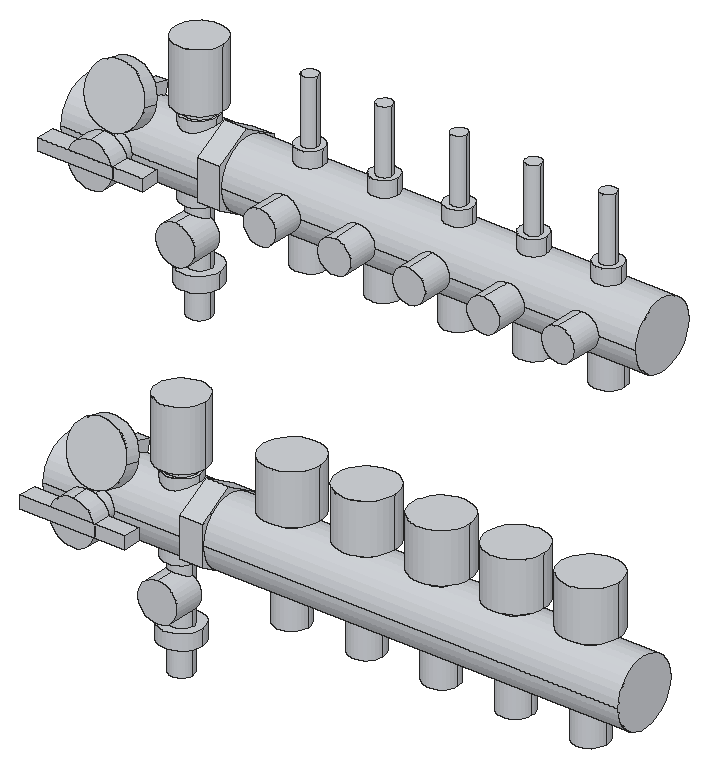
Revit family "318_f16c880827e94962872f661bd91b39", category Pipe Accessories, Revit 2017
Family settings
  Round Connector Dimension = Use Diameter
  Part Type = Valve - Normal
  Work Plane-Based = No
  Always vertical = Yes
  Cut with Voids When Loaded = No
  Shared = No
Parameters (values of type "R553FK105")
  magi_piping_qv_2_5 [instance] = 0.0 L/s
  magi_piping_qv_2_4 [instance] = 0.0 L/s
  magi_piping_qv_2_3 [instance] = 0.0 L/s
  magi_piping_qv_2_2 [instance] = 0.0 L/s
  magi_piping_qv_2_1 [instance] = 0.0 L/s
  magi_piping_qv_1_5 [instance] = 0.0 L/s
  magi_piping_qv_1_4 [instance] = 0.0 L/s
  magi_piping_qv_1_3 [instance] = 0.0 L/s
  magi_piping_qv_1_2 [instance] = 0.0 L/s
  magi_piping_qv_1_1 [instance] = 0.0 L/s
  magi_piping_qv [instance] = 0.0 L/s
  magi_piping_power_5 [instance] = 0 W
  magi_piping_power_4 [instance] = 0 W
  magi_piping_power_3 [instance] = 0 W
  magi_piping_power_2 [instance] = 0 W
  magi_piping_power_1 [instance] = 0 W
  magi_piping_kv_5 [instance] = 0
  magi_piping_kv_4 [instance] = 0
  magi_piping_kv_3 [instance] = 0
  magi_piping_kv_2 [instance] = 0
  magi_piping_kv_1 [instance] = 0
  magi_piping_dpTot_5 [instance] = 0.0 Pa
  magi_piping_dpTot_4 [instance] = 0.0 Pa
  magi_piping_dpTot_3 [instance] = 0.0 Pa
  magi_piping_dpTot_2 [instance] = 0.0 Pa
  magi_piping_dpTot_1 [instance] = 0.0 Pa
  magi_adjustmentValue_5 [instance] = ""
  magi_adjustmentValue_4 [instance] = ""
  magi_adjustmentValue_3 [instance] = ""
  magi_adjustmentValue_2 [instance] = ""
  magi_adjustmentValue_1 [instance] = ""
  magiProductId = "f16c880827e94962872f661bd91b39"
  magiProductFamilyId = "f16c880827e94962872f661bd91b39"
  magiProductCode = "R553FK105"
  magiPartTypeId = 318
  Y = 15 mm
  VersionID = "2.0/2016.10.37.0/GIACOMINI_R553FK_001"
  URL = "http://www.giacomini.com/en"
  SMP = 25 mm
  SBP9 = 18 mm
  SBP8 = 18 mm
  SBP7 = 18 mm
  SBP6 = 18 mm
  SBP5 = 18 mm
  SBP4 = 18 mm
  SBP3 = 18 mm
  SBP2 = 18 mm
  SBP12 = 18 mm
  SBP11 = 18 mm
  SBP10 = 18 mm
  SBP1 = 18 mm
  RMP = 25 mm
  RBP9 = 18 mm
  RBP8 = 18 mm
  RBP7 = 18 mm
  RBP6 = 18 mm
  RBP5 = 18 mm
  RBP4 = 18 mm
  RBP3 = 18 mm
  RBP2 = 18 mm
  RBP12 = 18 mm
  RBP11 = 18 mm
  RBP10 = 18 mm
  RBP1 = 18 mm
  R2 = 22 mm
  QmdConnectorList = "321;SMP;322;SBP1;323;SBP2;324;SBP3;325;SBP4;326;SBP5;351;RMP;352;RBP1;353;RBP2;354;RBP3;355;RBP4;356;RBP5"
  Productdata [instance] = "© Progman Oy, all rights reserved"
  N9 = no
  N8 = no
  N7 = no
  N6 = no
  N5 = yes
  N4 = yes
  N3 = yes
  N12 = no
  N11 = no
  N10 = no
  Manufacturer = "Giacomini"
  MC_Default_elevation = 0 mm
  L = 385 mm
  I = 50 mm
  H5 = 33 mm
  H4 = 5 mm
  H3__ve = -H3  # -40 mm
  H3 = 40 mm
  H2__ve = -H2  # -20 mm
  H2 = 20 mm
  H12 = 42 mm
  H11 = 10 mm
  Flow supply main [instance] = Flow supply 1 + Flow supply 2 + Flow supply 3 + Flow supply 4 + Flow supply 5  # 0.0 L/s
  Flow supply 5 [instance] = 0.0 L/s
  Flow supply 4 [instance] = 0.0 L/s
  Flow supply 3 [instance] = 0.0 L/s
  Flow supply 2 [instance] = 0.0 L/s
  Flow supply 1 [instance] = 0.0 L/s
  Flow return main [instance] = Flow return 1 + Flow return 2 + Flow return 3 + Flow return 4 + Flow return 5  # 0.0 L/s
  Flow return 5 [instance] = 0.0 L/s
  Flow return 4 [instance] = 0.0 L/s
  Flow return 3 [instance] = 0.0 L/s
  Flow return 2 [instance] = 0.0 L/s
  Flow return 1 [instance] = 0.0 L/s
  E = 208 mm
  Description = "PREASSEMBLED MANIFOLD KIT WITH FLOW METERS"
  D5 = 38 mm
  D4 = 22 mm
  D32 = 10 mm
  D31 = 18 mm
  D2 = 44 mm
  CAT0 = yes
  A = 149 mm
Reference planes
  plane 1 "Center (Front/Back)": y = 0
  plane 2 "XYPLANE": z = 0
  plane 3 "Center (Left/Right)": x = 0
  plane 4 "INIT_TEMP": y = 100
  plane 5 "414": y = -48
  plane 6 "413": z = -178
  plane 7 "412": y = -30
  plane 8 "411": z = -178
  plane 9 "410": z = -274
  plane 10 "409": z = -254
  plane 11 "408": z = -234
  plane 12 "407": z = -177
  plane 13 "406": z = -182
  plane 14 "405": y = -15
  plane 15 "404": z = 30
  plane 16 "403": y = -33
  plane 17 "402": x = 38
  plane 18 "401": z = 30
  plane 19 "400": z = -66
  plane 20 "399": z = -46
  plane 21 "398": z = -26
  plane 22 "397": z = 31
  plane 23 "396": x = 92
  plane 24 "395": z = 26
  plane 25 "394": x = 75
  plane 26 "393": z = -248
  plane 27 "392": z = -181
  plane 28 "391": z = -186
  plane 29 "390": z = -40
  plane 30 "389": x = 0
  plane 31 "388": y = 0
  plane 32 "387": y = -15
  plane 33 "386": z = -208
  plane 34 "385": z = 0
  plane 35 "384": z = 22
  plane 36 "383": x = 149
  plane 37 "382": x = 199
  plane 38 "381": y = -22
  plane 39 "380": x = 249
  plane 40 "379": z = 32
  plane 41 "378": x = 299
  plane 42 "377": x = 349
  plane 43 "376": x = 399
  plane 44 "375": x = 449
  plane 45 "374": x = 499
  plane 46 "373": x = 549
  plane 47 "372": x = 599
  plane 48 "371": x = 649
  plane 49 "370": x = 699
  plane 50 "1126": through (-712, -15, -178) normal (0, -0.2588, -0.9659)
  plane 51 "1127": through (-712, -30, -178) normal (0, 0.9659, -0.2588)
  plane 52 "1128": through (-712, -15, 30) normal (0, -0.9659, 0.2588)
  plane 53 "1129": through (-712, 0, 30) normal (0, 0.2588, 0.9659)
Forms (mm)
  Extrusion 1, solid
    sketch origin (750, -48, 0) x (-1, 0, 0) y (0, 0, 1)
      loop
        circle (712, -208) r 15
    from 0 to -12
  Extrusion 2, solid
    sketch origin (-712, -15, -178) x (1, 0, 0) y (0, -0.965926, 0.258819)
      loop
        line (746, -15) -> (754, -15) -> (754, 15) -> (746, 15) -> (746, -15)
    from 0 to 18
  Extrusion 3, solid
    sketch origin (750, -15, 0) x (-1, 0, 0) y (0, 0, 1)
      loop
        circle (712, -208) r 9
    from 0 to -33
  Extrusion 4, solid
    sketch origin (750, -48, 0) x (-1, 0, 0) y (0, 0, 1)
      loop
        line (677, -204) -> (677, -212) -> (747, -212) -> (747, -204) -> (677, -204)
    from 0 to -12
  Extrusion 5, solid
    sketch origin (-712, -30, -178) x (1, 0, 0) y (0, -0.258819, -0.965926)
      loop
        circle (750, 0) r 20
    from 0 to -10
  Extrusion 6, solid
    sketch origin (-750, 0, -182) x (1, 0, 0) y (0, 1, 0)
      loop
        circle (825, -15) r 12
    from 0 to -52
  Extrusion 7, solid
    sketch origin (92, -750, 0) x (0, 1, 0) y (0, 0, 1)
      loop
        line (735, -182) -> (712.483, -195) -> (712.483, -221) -> (735, -234) -> (757.517, -221) -> (757.517, -195) -> (735, -182)
    from 0 to 15
  Extrusion 8, solid
    sketch origin (-750, 0, -182) x (1, 0, 0) y (0, 1, 0)
      loop
        circle (825, -15) r 10
    from 0 to 5
  Extrusion 9, solid
    sketch origin (-750, 0, -177) x (1, 0, 0) y (0, 1, 0)
      loop
        circle (825, -15) r 16
    from 0 to 40
  Extrusion 10, solid
    sketch origin (-750, 0, -234) x (1, 0, 0) y (0, 1, 0)
      loop
        circle (825, -15) r 7.5
    from 0 to -70
  Extrusion 11, solid
    sketch origin (750, -15, 0) x (-1, 0, 0) y (0, 0, 1)
      loop
        circle (675, -254) r 13
    from 0 to -20
  Extrusion 12, solid
    sketch origin (-750, 0, -274) x (1, 0, 0) y (0, 1, 0)
      loop
        circle (825, -15) r 14
    from 0 to -10
  Extrusion 13, solid
    sketch origin (-712, -15, 30) x (1, 0, 0) y (0, 0.258819, 0.965926)
      loop
        circle (750, 0) r 20
    from 0 to 10
  Extrusion 14, solid
    sketch origin (750, -33, 0) x (-1, 0, 0) y (0, 0, 1)
      loop
        line (677, 4) -> (677, -4) -> (747, -4) -> (747, 4) -> (677, 4)
    from 0 to -12
  Extrusion 15, solid
    sketch origin (750, 0, 0) x (-1, 0, 0) y (0, 0, 1)
      loop
        circle (712, 0) r 9
    from 0 to -33
  Extrusion 16, solid
    sketch origin (-712, 0, 30) x (1, 0, 0) y (0, 0.965926, -0.258819)
      loop
        line (746, 15) -> (746, -15) -> (754, -15) -> (754, 15) -> (746, 15)
    from 0 to -18
  Extrusion 17, solid
    sketch origin (750, -33, 0) x (-1, 0, 0) y (0, 0, 1)
      loop
        circle (712, 0) r 15
    from 0 to -12
  Extrusion 18, solid
    sketch origin (-750, 0, -66) x (1, 0, 0) y (0, 1, 0)
      loop
        circle (825, 0) r 14
    from 0 to -10
  Extrusion 19, solid
    sketch origin (750, 0, 0) x (-1, 0, 0) y (0, 0, 1)
      loop
        circle (675, -46) r 13
    from 0 to -20
  Extrusion 20, solid
    sketch origin (-750, 0, -26) x (1, 0, 0) y (0, 1, 0)
      loop
        circle (825, 0) r 7.5
    from 0 to -70
  Extrusion 21, solid
    sketch origin (-750, 0, 31) x (1, 0, 0) y (0, 1, 0)
      loop
        circle (825, 0) r 16
    from 0 to 40
  Extrusion 22, solid
    sketch origin (-750, 0, 26) x (1, 0, 0) y (0, 1, 0)
      loop
        circle (825, 0) r 10
    from 0 to 5
  Extrusion 23, solid
    sketch origin (92, -750, 0) x (0, 1, 0) y (0, 0, 1)
      loop
        line (750, 26) -> (727.483, 13) -> (727.483, -13) -> (750, -26) -> (772.517, -13) -> (772.517, 13) -> (750, 26)
    from 0 to 15
  Extrusion 24, solid
    sketch origin (-750, 0, 26) x (1, 0, 0) y (0, 1, 0)
      loop
        circle (825, 0) r 12
    from 0 to -52
  Extrusion 25, solid, visible <- "N10"
    sketch origin (-750, 0, -208) x (1, 0, 0) y (0, 1, 0)
      loop
        circle (1349, -15) r 11
    from 0 to -40 <- "H3__ve"
  Extrusion 26, solid, visible <- "N10"
    sketch origin (-750, 0, -186) x (1, 0, 0) y (0, 1, 0)
      loop
        circle (1349, -15) r 11
    from 0 to 5 <- "H4"
  Extrusion 27, solid, visible <- "N10"
    sketch origin (-750, 0, -181) x (1, 0, 0) y (0, 1, 0)
      loop
        circle (1349, -15) r 19
    from 0 to 33 <- "H5"
  Extrusion 28, solid, visible <- "N12"
    sketch origin (-750, 0, -181) x (1, 0, 0) y (0, 1, 0)
      loop
        circle (1449, -15) r 19
    from 0 to 33 <- "H5"
  Extrusion 29, solid, visible <- "N12"
    sketch origin (-750, 0, -186) x (1, 0, 0) y (0, 1, 0)
      loop
        circle (1449, -15) r 11
    from 0 to 5 <- "H4"
  Extrusion 30, solid, visible <- "N12"
    sketch origin (-750, 0, -208) x (1, 0, 0) y (0, 1, 0)
      loop
        circle (1449, -15) r 11
    from 0 to -40 <- "H3__ve"
  Extrusion 31, solid, visible <- "N11"
    sketch origin (-750, 0, -208) x (1, 0, 0) y (0, 1, 0)
      loop
        circle (1399, -15) r 11
    from 0 to -40 <- "H3__ve"
  Extrusion 32, solid, visible <- "N11"
    sketch origin (-750, 0, -186) x (1, 0, 0) y (0, 1, 0)
      loop
        circle (1399, -15) r 11
    from 0 to 5 <- "H4"
  Extrusion 33, solid, visible <- "N11"
    sketch origin (-750, 0, -181) x (1, 0, 0) y (0, 1, 0)
      loop
        circle (1399, -15) r 19
    from 0 to 33 <- "H5"
  Extrusion 34, solid, visible <- "N8"
    sketch origin (-750, 0, -181) x (1, 0, 0) y (0, 1, 0)
      loop
        circle (1249, -15) r 19
    from 0 to 33 <- "H5"
  Extrusion 35, solid, visible <- "N8"
    sketch origin (-750, 0, -186) x (1, 0, 0) y (0, 1, 0)
      loop
        circle (1249, -15) r 11
    from 0 to 5 <- "H4"
  Extrusion 36, solid, visible <- "N8"
    sketch origin (-750, 0, -208) x (1, 0, 0) y (0, 1, 0)
      loop
        circle (1249, -15) r 11
    from 0 to -40 <- "H3__ve"
  Extrusion 37, solid, visible <- "N9"
    sketch origin (-750, 0, -208) x (1, 0, 0) y (0, 1, 0)
      loop
        circle (1299, -15) r 11
    from 0 to -40 <- "H3__ve"
  Extrusion 38, solid, visible <- "N9"
    sketch origin (-750, 0, -186) x (1, 0, 0) y (0, 1, 0)
      loop
        circle (1299, -15) r 11
    from 0 to 5 <- "H4"
  Extrusion 39, solid, visible <- "N9"
    sketch origin (-750, 0, -181) x (1, 0, 0) y (0, 1, 0)
      loop
        circle (1299, -15) r 19
    from 0 to 33 <- "H5"
  Extrusion 40, solid, visible <- "N7"
    sketch origin (-750, 0, -181) x (1, 0, 0) y (0, 1, 0)
      loop
        circle (1199, -15) r 19
    from 0 to 33 <- "H5"
  Extrusion 41, solid, visible <- "N7"
    sketch origin (-750, 0, -186) x (1, 0, 0) y (0, 1, 0)
      loop
        circle (1199, -15) r 11
    from 0 to 5 <- "H4"
  Extrusion 42, solid, visible <- "N7"
    sketch origin (-750, 0, -208) x (1, 0, 0) y (0, 1, 0)
      loop
        circle (1199, -15) r 11
    from 0 to -40 <- "H3__ve"
  Extrusion 43, solid, visible <- "N6"
    sketch origin (-750, 0, -208) x (1, 0, 0) y (0, 1, 0)
      loop
        circle (1149, -15) r 11
    from 0 to -40 <- "H3__ve"
  Extrusion 44, solid, visible <- "N6"
    sketch origin (-750, 0, -186) x (1, 0, 0) y (0, 1, 0)
      loop
        circle (1149, -15) r 11
    from 0 to 5 <- "H4"
  Extrusion 45, solid, visible <- "N6"
    sketch origin (-750, 0, -181) x (1, 0, 0) y (0, 1, 0)
      loop
        circle (1149, -15) r 19
    from 0 to 33 <- "H5"
  Extrusion 46, solid, visible <- "N5"
    sketch origin (-750, 0, -181) x (1, 0, 0) y (0, 1, 0)
      loop
        circle (1099, -15) r 19
    from 0 to 33 <- "H5"
  Extrusion 47, solid, visible <- "N5"
    sketch origin (-750, 0, -186) x (1, 0, 0) y (0, 1, 0)
      loop
        circle (1099, -15) r 11
    from 0 to 5 <- "H4"
  Extrusion 48, solid, visible <- "N5"
    sketch origin (-750, 0, -208) x (1, 0, 0) y (0, 1, 0)
      loop
        circle (1099, -15) r 11
    from 0 to -40 <- "H3__ve"
  Extrusion 49, solid, visible <- "N4"
    sketch origin (-750, 0, -208) x (1, 0, 0) y (0, 1, 0)
      loop
        circle (1049, -15) r 11
    from 0 to -40 <- "H3__ve"
  Extrusion 50, solid, visible <- "N4"
    sketch origin (-750, 0, -186) x (1, 0, 0) y (0, 1, 0)
      loop
        circle (1049, -15) r 11
    from 0 to 5 <- "H4"
  Extrusion 51, solid, visible <- "N4"
    sketch origin (-750, 0, -181) x (1, 0, 0) y (0, 1, 0)
      loop
        circle (1049, -15) r 19
    from 0 to 33 <- "H5"
  Extrusion 52, solid, visible <- "N3"
    sketch origin (-750, 0, -181) x (1, 0, 0) y (0, 1, 0)
      loop
        circle (999, -15) r 19
    from 0 to 33 <- "H5"
  Extrusion 53, solid, visible <- "N3"
    sketch origin (-750, 0, -186) x (1, 0, 0) y (0, 1, 0)
      loop
        circle (999, -15) r 11
    from 0 to 5 <- "H4"
  Extrusion 54, solid
    sketch origin (-750, 0, -186) x (1, 0, 0) y (0, 1, 0)
      loop
        circle (949, -15) r 11
    from 0 to 5 <- "H4"
  Extrusion 55, solid
    sketch origin (-750, 0, -181) x (1, 0, 0) y (0, 1, 0)
      loop
        circle (949, -15) r 19
    from 0 to 33 <- "H5"
  Extrusion 56, solid
    sketch origin (-750, 0, -181) x (1, 0, 0) y (0, 1, 0)
      loop
        circle (899, -15) r 19
    from 0 to 33 <- "H5"
  Extrusion 57, solid
    sketch origin (-750, 0, -186) x (1, 0, 0) y (0, 1, 0)
      loop
        circle (899, -15) r 11
    from 0 to 5 <- "H4"
  Extrusion 58, solid, visible <- "N3"
    sketch origin (-750, 0, -208) x (1, 0, 0) y (0, 1, 0)
      loop
        circle (999, -15) r 11
    from 0 to -40 <- "H3__ve"
  Extrusion 59, solid
    sketch origin (-750, 0, -208) x (1, 0, 0) y (0, 1, 0)
      loop
        circle (899, -15) r 11
    from 0 to -40 <- "H3__ve"
  Extrusion 60, solid
    sketch origin (-750, 0, -208) x (1, 0, 0) y (0, 1, 0)
      loop
        circle (949, -15) r 11
    from 0 to -40 <- "H3__ve"
  Extrusion 61, solid, visible <- "CAT0"
    sketch origin (0, -750, 0) x (0, 1, 0) y (0, 0, 1)
      loop
        circle (735, -208) r 22
    from 0 to 385 <- "L"
  Extrusion 62, solid, visible <- "N8"
    sketch origin (-750, 0, 0) x (1, 0, 0) y (0, 1, 0)
      loop
        circle (1249, 0) r 11
    from 0 to -40 <- "H3__ve"
  Extrusion 63, solid, visible <- "N9"
    sketch origin (-750, 0, 0) x (1, 0, 0) y (0, 1, 0)
      loop
        circle (1299, 0) r 11
    from 0 to -40 <- "H3__ve"
  Extrusion 64, solid, visible <- "N10"
    sketch origin (-750, 0, 0) x (1, 0, 0) y (0, 1, 0)
      loop
        circle (1349, 0) r 11
    from 0 to -40 <- "H3__ve"
  Extrusion 65, solid, visible <- "N11"
    sketch origin (-750, 0, 0) x (1, 0, 0) y (0, 1, 0)
      loop
        circle (1399, 0) r 11
    from 0 to -40 <- "H3__ve"
  Extrusion 66, solid, visible <- "N12"
    sketch origin (-750, 0, 0) x (1, 0, 0) y (0, 1, 0)
      loop
        circle (1449, 0) r 11
    from 0 to -40 <- "H3__ve"
  Extrusion 67, solid, visible <- "N7"
    sketch origin (-750, 0, 0) x (1, 0, 0) y (0, 1, 0)
      loop
        circle (1199, 0) r 11
    from 0 to -40 <- "H3__ve"
  Extrusion 68, solid, visible <- "N6"
    sketch origin (-750, 0, 0) x (1, 0, 0) y (0, 1, 0)
      loop
        circle (1149, 0) r 11
    from 0 to -40 <- "H3__ve"
  Extrusion 69, solid, visible <- "N5"
    sketch origin (-750, 0, 0) x (1, 0, 0) y (0, 1, 0)
      loop
        circle (1099, 0) r 11
    from 0 to -40 <- "H3__ve"
  Extrusion 70, solid, visible <- "N4"
    sketch origin (-750, 0, 0) x (1, 0, 0) y (0, 1, 0)
      loop
        circle (1049, 0) r 11
    from 0 to -40 <- "H3__ve"
  Extrusion 71, solid, visible <- "N3"
    sketch origin (-750, 0, 0) x (1, 0, 0) y (0, 1, 0)
      loop
        circle (999, 0) r 11
    from 0 to -40 <- "H3__ve"
  Extrusion 72, solid
    sketch origin (-750, 0, 0) x (1, 0, 0) y (0, 1, 0)
      loop
        circle (949, 0) r 11
    from 0 to -40 <- "H3__ve"
  Extrusion 73, solid
    sketch origin (-750, 0, 0) x (1, 0, 0) y (0, 1, 0)
      loop
        circle (899, 0) r 11
    from 0 to -40 <- "H3__ve"
  Extrusion 74, solid, visible <- "CAT0"
    sketch origin (0, -750, 0) x (0, 1, 0) y (0, 0, 1)
      loop
        circle (750, 0) r 22
    from 0 to 385 <- "L"
  Extrusion 75, solid
    sketch origin (-750, 0, 22) x (1, 0, 0) y (0, 1, 0)
      loop
        circle (899, 0) r 9
    from 0 to 10 <- "H11"
  Extrusion 76, solid
    sketch origin (750, -22, 0) x (-1, 0, 0) y (0, 0, 1)
      loop
        circle (601, 0) r 11
    from 0 to -20 <- "H2__ve"
  Extrusion 77, solid
    sketch origin (750, -22, 0) x (-1, 0, 0) y (0, 0, 1)
      loop
        circle (551, 0) r 11
    from 0 to -20 <- "H2__ve"
  Extrusion 78, solid, visible <- "N3"
    sketch origin (750, -22, 0) x (-1, 0, 0) y (0, 0, 1)
      loop
        circle (501, 0) r 11
    from 0 to -20 <- "H2__ve"
  Extrusion 79, solid
    sketch origin (-750, 0, 32) x (1, 0, 0) y (0, 1, 0)
      loop
        circle (899, 0) r 5
    from 0 to 42 <- "H12"
  Extrusion 80, solid
    sketch origin (-750, 0, 32) x (1, 0, 0) y (0, 1, 0)
      loop
        circle (949, 0) r 5
    from 0 to 42 <- "H12"
  Extrusion 81, solid
    sketch origin (-750, 0, 22) x (1, 0, 0) y (0, 1, 0)
      loop
        circle (949, 0) r 9
    from 0 to 10 <- "H11"
  Extrusion 82, solid, visible <- "N3"
    sketch origin (-750, 0, 22) x (1, 0, 0) y (0, 1, 0)
      loop
        circle (999, 0) r 9
    from 0 to 10 <- "H11"
  Extrusion 83, solid, visible <- "N3"
    sketch origin (-750, 0, 32) x (1, 0, 0) y (0, 1, 0)
      loop
        circle (999, 0) r 5
    from 0 to 42 <- "H12"
  Extrusion 84, solid, visible <- "N4"
    sketch origin (-750, 0, 32) x (1, 0, 0) y (0, 1, 0)
      loop
        circle (1049, 0) r 5
    from 0 to 42 <- "H12"
  Extrusion 85, solid, visible <- "N4"
    sketch origin (-750, 0, 22) x (1, 0, 0) y (0, 1, 0)
      loop
        circle (1049, 0) r 9
    from 0 to 10 <- "H11"
  Extrusion 86, solid, visible <- "N4"
    sketch origin (750, -22, 0) x (-1, 0, 0) y (0, 0, 1)
      loop
        circle (451, 0) r 11
    from 0 to -20 <- "H2__ve"
  Extrusion 87, solid, visible <- "N5"
    sketch origin (750, -22, 0) x (-1, 0, 0) y (0, 0, 1)
      loop
        circle (401, 0) r 11
    from 0 to -20 <- "H2__ve"
  Extrusion 88, solid, visible <- "N5"
    sketch origin (-750, 0, 22) x (1, 0, 0) y (0, 1, 0)
      loop
        circle (1099, 0) r 9
    from 0 to 10 <- "H11"
  Extrusion 89, solid, visible <- "N5"
    sketch origin (-750, 0, 32) x (1, 0, 0) y (0, 1, 0)
      loop
        circle (1099, 0) r 5
    from 0 to 42 <- "H12"
  Extrusion 90, solid, visible <- "N6"
    sketch origin (-750, 0, 32) x (1, 0, 0) y (0, 1, 0)
      loop
        circle (1149, 0) r 5
    from 0 to 42 <- "H12"
  Extrusion 91, solid, visible <- "N6"
    sketch origin (-750, 0, 22) x (1, 0, 0) y (0, 1, 0)
      loop
        circle (1149, 0) r 9
    from 0 to 10 <- "H11"
  Extrusion 92, solid, visible <- "N6"
    sketch origin (750, -22, 0) x (-1, 0, 0) y (0, 0, 1)
      loop
        circle (351, 0) r 11
    from 0 to -20 <- "H2__ve"
  Extrusion 93, solid, visible <- "N7"
    sketch origin (750, -22, 0) x (-1, 0, 0) y (0, 0, 1)
      loop
        circle (301, 0) r 11
    from 0 to -20 <- "H2__ve"
  Extrusion 94, solid, visible <- "N7"
    sketch origin (-750, 0, 22) x (1, 0, 0) y (0, 1, 0)
      loop
        circle (1199, 0) r 9
    from 0 to 10 <- "H11"
  Extrusion 95, solid, visible <- "N7"
    sketch origin (-750, 0, 32) x (1, 0, 0) y (0, 1, 0)
      loop
        circle (1199, 0) r 5
    from 0 to 42 <- "H12"
  Extrusion 96, solid, visible <- "N8"
    sketch origin (-750, 0, 32) x (1, 0, 0) y (0, 1, 0)
      loop
        circle (1249, 0) r 5
    from 0 to 42 <- "H12"
  Extrusion 97, solid, visible <- "N8"
    sketch origin (-750, 0, 22) x (1, 0, 0) y (0, 1, 0)
      loop
        circle (1249, 0) r 9
    from 0 to 10 <- "H11"
  Extrusion 98, solid, visible <- "N8"
    sketch origin (750, -22, 0) x (-1, 0, 0) y (0, 0, 1)
      loop
        circle (251, 0) r 11
    from 0 to -20 <- "H2__ve"
  Extrusion 99, solid, visible <- "N10"
    sketch origin (750, -22, 0) x (-1, 0, 0) y (0, 0, 1)
      loop
        circle (151, 0) r 11
    from 0 to -20 <- "H2__ve"
  Extrusion 100, solid, visible <- "N10"
    sketch origin (-750, 0, 22) x (1, 0, 0) y (0, 1, 0)
      loop
        circle (1349, 0) r 9
    from 0 to 10 <- "H11"
  Extrusion 101, solid, visible <- "N10"
    sketch origin (-750, 0, 32) x (1, 0, 0) y (0, 1, 0)
      loop
        circle (1349, 0) r 5
    from 0 to 42 <- "H12"
  Extrusion 102, solid, visible <- "N9"
    sketch origin (-750, 0, 32) x (1, 0, 0) y (0, 1, 0)
      loop
        circle (1299, 0) r 5
    from 0 to 42 <- "H12"
  Extrusion 103, solid, visible <- "N9"
    sketch origin (-750, 0, 22) x (1, 0, 0) y (0, 1, 0)
      loop
        circle (1299, 0) r 9
    from 0 to 10 <- "H11"
  Extrusion 104, solid, visible <- "N9"
    sketch origin (750, -22, 0) x (-1, 0, 0) y (0, 0, 1)
      loop
        circle (201, 0) r 11
    from 0 to -20 <- "H2__ve"
  Extrusion 105, solid, visible <- "N11"
    sketch origin (-750, 0, 32) x (1, 0, 0) y (0, 1, 0)
      loop
        circle (1399, 0) r 5
    from 0 to 42 <- "H12"
  Extrusion 106, solid, visible <- "N11"
    sketch origin (-750, 0, 22) x (1, 0, 0) y (0, 1, 0)
      loop
        circle (1399, 0) r 9
    from 0 to 10 <- "H11"
  Extrusion 107, solid, visible <- "N11"
    sketch origin (750, -22, 0) x (-1, 0, 0) y (0, 0, 1)
      loop
        circle (101, 0) r 11
    from 0 to -20 <- "H2__ve"
  Extrusion 108, solid, visible <- "N12"
    sketch origin (750, -22, 0) x (-1, 0, 0) y (0, 0, 1)
      loop
        circle (51, 0) r 11
    from 0 to -20 <- "H2__ve"
  Extrusion 109, solid, visible <- "N12"
    sketch origin (-750, 0, 22) x (1, 0, 0) y (0, 1, 0)
      loop
        circle (1449, 0) r 9
    from 0 to 10 <- "H11"
  Extrusion 110, solid, visible <- "N12"
    sketch origin (-750, 0, 32) x (1, 0, 0) y (0, 1, 0)
      loop
        circle (1449, 0) r 5
    from 0 to 42 <- "H12"
  Extrusion 111, solid, not visible
    sketch origin (-750, 0, -248) x (1, 0, 0) y (0, 1, 0)
      loop
        circle (1099, -15) r 10
    from 0 to 10
  Extrusion 112, solid, not visible
    sketch origin (-750, 0, -248) x (1, 0, 0) y (0, 1, 0)
      loop
        circle (1049, -15) r 10
    from 0 to 10
  Extrusion 113, solid, not visible
    sketch origin (-750, 0, -248) x (1, 0, 0) y (0, 1, 0)
      loop
        circle (949, -15) r 10
    from 0 to 10
  Extrusion 114, solid, not visible
    sketch origin (-750, 0, -248) x (1, 0, 0) y (0, 1, 0)
      loop
        circle (899, -15) r 10
    from 0 to 10
  Extrusion 115, solid, not visible
    sketch origin (-750, 0, -248) x (1, 0, 0) y (0, 1, 0)
      loop
        circle (999, -15) r 10
    from 0 to 10
  Extrusion 116, solid, not visible
    sketch origin (-750, 0, -40) x (1, 0, 0) y (0, 1, 0)
      loop
        circle (1099, 0) r 10
    from 0 to 10
  Extrusion 117, solid, not visible
    sketch origin (-750, 0, -40) x (1, 0, 0) y (0, 1, 0)
      loop
        circle (1049, 0) r 10
    from 0 to 10
  Extrusion 118, solid, not visible
    sketch origin (-750, 0, -40) x (1, 0, 0) y (0, 1, 0)
      loop
        circle (999, 0) r 10
    from 0 to 10
  Extrusion 119, solid, not visible
    sketch origin (0, -750, 0) x (0, 1, 0) y (0, 0, 1)
      loop
        circle (750, 0) r 10
    from 0 to 10
  Extrusion 120, solid, not visible
    sketch origin (0, -750, 0) x (0, 1, 0) y (0, 0, 1)
      loop
        circle (735, -208) r 10
    from 0 to 10
  Extrusion 121, solid, not visible
    sketch origin (-750, 0, -40) x (1, 0, 0) y (0, 1, 0)
      loop
        circle (899, 0) r 10
    from 0 to 10
  Extrusion 122, solid, not visible
    sketch origin (-750, 0, -40) x (1, 0, 0) y (0, 1, 0)
      loop
        circle (949, 0) r 10
    from 0 to 10
Text (mm)
  text "© Progman Oy, all rights reserved" at (-472.209, -2482.653, 0), in view "Ref. Level"
Dimensions and locks
  plane 4 "INIT_TEMP" to plane 1 "Center (Front/Back)" = 100 mm
  locked: plane 32 "387" to plane 5 "414" at 33
  locked: plane 33 "386" to plane 6 "413" at 30
  locked: plane 32 "387" to plane 7 "412" at 15
  locked: plane 33 "386" to plane 8 "411" at 30
  locked: plane 11 "408" to plane 9 "410" at 40
  locked: plane 11 "408" to plane 10 "409" at 20
  locked: plane 13 "406" to plane 11 "408" at 52
  locked: plane 13 "406" to plane 12 "407" at 5
  locked: plane 33 "386" to plane 13 "406" at 26
  locked: plane 1 "Center (Front/Back)" to plane 14 "405" at 15
  locked: plane 2 "XYPLANE" to plane 15 "404" at 30
  locked: plane 1 "Center (Front/Back)" to plane 16 "403" at 33
  locked: plane 3 "Center (Left/Right)" to plane 17 "402" at 38
  locked: plane 2 "XYPLANE" to plane 18 "401" at 30
  locked: plane 21 "398" to plane 19 "400" at 40
  locked: plane 21 "398" to plane 20 "399" at 20
  locked: plane 24 "395" to plane 21 "398" at 52
  locked: plane 24 "395" to plane 22 "397" at 5
  locked: plane 25 "394" to plane 23 "396" at 17
  locked: plane 2 "XYPLANE" to plane 24 "395" at 26
  locked: plane 3 "Center (Left/Right)" to plane 25 "394" at 75
  "H3": plane 33 "386" to plane 26 "393"
  "H4": plane 28 "391" to plane 27 "392"
  "R2": plane 33 "386" to plane 28 "391"
  "H3": plane 2 "XYPLANE" to plane 29 "390"
  locked: plane 3 "Center (Left/Right)" to plane 30 "389"
  locked: plane 1 "Center (Front/Back)" to plane 31 "388"
  "Y": plane 1 "Center (Front/Back)" to plane 32 "387"
  "E": plane 2 "XYPLANE" to plane 33 "386"
  locked: plane 2 "XYPLANE" to plane 34 "385"
  "R2": plane 2 "XYPLANE" to plane 35 "384"
  "A": plane 3 "Center (Left/Right)" to plane 36 "383"
  "I": plane 36 "383" to plane 37 "382"
  "R2": plane 1 "Center (Front/Back)" to plane 38 "381"
  "I": plane 37 "382" to plane 39 "380"
  "H11": plane 35 "384" to plane 40 "379"
  "I": plane 39 "380" to plane 41 "378"
  "I": plane 41 "378" to plane 42 "377"
  "I": plane 42 "377" to plane 43 "376"
  "I": plane 43 "376" to plane 44 "375"
  "I": plane 44 "375" to plane 45 "374"
  "I": plane 45 "374" to plane 46 "373"
  "I": plane 46 "373" to plane 47 "372"
  "I": plane 47 "372" to plane 48 "371"
  "I": plane 48 "371" to plane 49 "370"
  "D4": diameter of Extrusion 25 sketch curve
  "D4": diameter of Extrusion 26 sketch curve
  "D5": diameter of Extrusion 27 sketch curve
  "D5": diameter of Extrusion 28 sketch curve
  "D4": diameter of Extrusion 29 sketch curve
  "D4": diameter of Extrusion 30 sketch curve
  "D4": diameter of Extrusion 31 sketch curve
  "D4": diameter of Extrusion 32 sketch curve
  "D5": diameter of Extrusion 33 sketch curve
  "D5": diameter of Extrusion 34 sketch curve
  "D4": diameter of Extrusion 35 sketch curve
  "D4": diameter of Extrusion 36 sketch curve
  "D4": diameter of Extrusion 37 sketch curve
  "D4": diameter of Extrusion 38 sketch curve
  "D5": diameter of Extrusion 39 sketch curve
  "D5": diameter of Extrusion 40 sketch curve
  "D4": diameter of Extrusion 41 sketch curve
  "D4": diameter of Extrusion 42 sketch curve
  "D4": diameter of Extrusion 43 sketch curve
  "D4": diameter of Extrusion 44 sketch curve
  "D5": diameter of Extrusion 45 sketch curve
  "D5": diameter of Extrusion 46 sketch curve
  "D4": diameter of Extrusion 47 sketch curve
  "D4": diameter of Extrusion 48 sketch curve
  "D4": diameter of Extrusion 49 sketch curve
  "D4": diameter of Extrusion 50 sketch curve
  "D5": diameter of Extrusion 51 sketch curve
  "D5": diameter of Extrusion 52 sketch curve
  "D4": diameter of Extrusion 53 sketch curve
  "D4": diameter of Extrusion 54 sketch curve
  "D5": diameter of Extrusion 55 sketch curve
  "D5": diameter of Extrusion 56 sketch curve
  "D4": diameter of Extrusion 57 sketch curve
  "D4": diameter of Extrusion 58 sketch curve
  "D4": diameter of Extrusion 59 sketch curve
  "D4": diameter of Extrusion 60 sketch curve
  "D2": diameter of Extrusion 61 sketch curve
  "D4": diameter of Extrusion 62 sketch curve
  "D4": diameter of Extrusion 63 sketch curve
  "D4": diameter of Extrusion 64 sketch curve
  "D4": diameter of Extrusion 65 sketch curve
  "D4": diameter of Extrusion 66 sketch curve
  "D4": diameter of Extrusion 67 sketch curve
  "D4": diameter of Extrusion 68 sketch curve
  "D4": diameter of Extrusion 69 sketch curve
  "D4": diameter of Extrusion 70 sketch curve
  "D4": diameter of Extrusion 71 sketch curve
  "D4": diameter of Extrusion 72 sketch curve
  "D4": diameter of Extrusion 73 sketch curve
  "D2": diameter of Extrusion 74 sketch curve
  "D31": diameter of Extrusion 75 sketch curve
  "D4": diameter of Extrusion 76 sketch curve
  "D4": diameter of Extrusion 77 sketch curve
  "D4": diameter of Extrusion 78 sketch curve
  "D32": diameter of Extrusion 79 sketch curve
  "D32": diameter of Extrusion 80 sketch curve
  "D31": diameter of Extrusion 81 sketch curve
  "D31": diameter of Extrusion 82 sketch curve
  "D32": diameter of Extrusion 83 sketch curve
  "D32": diameter of Extrusion 84 sketch curve
  "D31": diameter of Extrusion 85 sketch curve
  "D4": diameter of Extrusion 86 sketch curve
  "D4": diameter of Extrusion 87 sketch curve
  "D31": diameter of Extrusion 88 sketch curve
  "D32": diameter of Extrusion 89 sketch curve
  "D32": diameter of Extrusion 90 sketch curve
  "D31": diameter of Extrusion 91 sketch curve
  "D4": diameter of Extrusion 92 sketch curve
  "D4": diameter of Extrusion 93 sketch curve
  "D31": diameter of Extrusion 94 sketch curve
  "D32": diameter of Extrusion 95 sketch curve
  "D32": diameter of Extrusion 96 sketch curve
  "D31": diameter of Extrusion 97 sketch curve
  "D4": diameter of Extrusion 98 sketch curve
  "D4": diameter of Extrusion 99 sketch curve
  "D31": diameter of Extrusion 100 sketch curve
  "D32": diameter of Extrusion 101 sketch curve
  "D32": diameter of Extrusion 102 sketch curve
  "D31": diameter of Extrusion 103 sketch curve
  "D4": diameter of Extrusion 104 sketch curve
  "D32": diameter of Extrusion 105 sketch curve
  "D31": diameter of Extrusion 106 sketch curve
  "D4": diameter of Extrusion 107 sketch curve
  "D4": diameter of Extrusion 108 sketch curve
  "D31": diameter of Extrusion 109 sketch curve
  "D32": diameter of Extrusion 110 sketch curve
  aligned and locked: level to plane 2 "XYPLANE"
  aligned and locked: plane 17 "402" to Extrusion 1 sketch curve
  aligned and locked: plane 33 "386" to Extrusion 1 sketch curve
  aligned and locked: plane 17 "402" to Extrusion 3 sketch curve
  aligned and locked: plane 33 "386" to Extrusion 3 sketch curve
  aligned and locked: plane 17 "402" to Extrusion 5 sketch curve
  aligned and locked: plane 25 "394" to Extrusion 6 sketch curve
  aligned and locked: plane 32 "387" to Extrusion 6 sketch curve
  aligned and locked: plane 25 "394" to Extrusion 8 sketch curve
  aligned and locked: plane 32 "387" to Extrusion 8 sketch curve
  aligned and locked: plane 25 "394" to Extrusion 9 sketch curve
  aligned and locked: plane 32 "387" to Extrusion 9 sketch curve
  aligned and locked: plane 25 "394" to Extrusion 10 sketch curve
  aligned and locked: plane 32 "387" to Extrusion 10 sketch curve
  aligned and locked: plane 10 "409" to Extrusion 11 sketch curve
  aligned and locked: plane 25 "394" to Extrusion 11 sketch curve
  aligned and locked: plane 25 "394" to Extrusion 12 sketch curve
  aligned and locked: plane 32 "387" to Extrusion 12 sketch curve
  aligned and locked: plane 17 "402" to Extrusion 13 sketch curve
  aligned and locked: plane 17 "402" to Extrusion 15 sketch curve
  aligned and locked: plane 34 "385" to Extrusion 15 sketch curve
  aligned and locked: plane 17 "402" to Extrusion 17 sketch curve
  aligned and locked: plane 34 "385" to Extrusion 17 sketch curve
  aligned and locked: plane 25 "394" to Extrusion 18 sketch curve
  aligned and locked: plane 31 "388" to Extrusion 18 sketch curve
  aligned and locked: plane 20 "399" to Extrusion 19 sketch curve
  aligned and locked: plane 25 "394" to Extrusion 19 sketch curve
  aligned and locked: plane 25 "394" to Extrusion 20 sketch curve
  aligned and locked: plane 31 "388" to Extrusion 20 sketch curve
  aligned and locked: plane 25 "394" to Extrusion 21 sketch curve
  aligned and locked: plane 31 "388" to Extrusion 21 sketch curve
  aligned and locked: plane 25 "394" to Extrusion 22 sketch curve
  aligned and locked: plane 31 "388" to Extrusion 22 sketch curve
  aligned and locked: plane 25 "394" to Extrusion 24 sketch curve
  aligned and locked: plane 31 "388" to Extrusion 24 sketch curve
  aligned and locked: plane 32 "387" to Extrusion 25 sketch curve
  aligned and locked: plane 47 "372" to Extrusion 25 sketch curve
  aligned and locked: plane 32 "387" to Extrusion 26 sketch curve
  aligned and locked: plane 47 "372" to Extrusion 26 sketch curve
  aligned and locked: plane 32 "387" to Extrusion 27 sketch curve
  aligned and locked: plane 47 "372" to Extrusion 27 sketch curve
  aligned and locked: plane 32 "387" to Extrusion 28 sketch curve
  aligned and locked: plane 49 "370" to Extrusion 28 sketch curve
  aligned and locked: plane 32 "387" to Extrusion 29 sketch curve
  aligned and locked: plane 49 "370" to Extrusion 29 sketch curve
  aligned and locked: plane 32 "387" to Extrusion 30 sketch curve
  aligned and locked: plane 49 "370" to Extrusion 30 sketch curve
  aligned and locked: plane 32 "387" to Extrusion 31 sketch curve
  aligned and locked: plane 48 "371" to Extrusion 31 sketch curve
  aligned and locked: plane 32 "387" to Extrusion 32 sketch curve
  aligned and locked: plane 48 "371" to Extrusion 32 sketch curve
  aligned and locked: plane 32 "387" to Extrusion 33 sketch curve
  aligned and locked: plane 48 "371" to Extrusion 33 sketch curve
  aligned and locked: plane 32 "387" to Extrusion 34 sketch curve
  aligned and locked: plane 45 "374" to Extrusion 34 sketch curve
  aligned and locked: plane 32 "387" to Extrusion 35 sketch curve
  aligned and locked: plane 45 "374" to Extrusion 35 sketch curve
  aligned and locked: plane 32 "387" to Extrusion 36 sketch curve
  aligned and locked: plane 45 "374" to Extrusion 36 sketch curve
  aligned and locked: plane 32 "387" to Extrusion 37 sketch curve
  aligned and locked: plane 46 "373" to Extrusion 37 sketch curve
  aligned and locked: plane 32 "387" to Extrusion 38 sketch curve
  aligned and locked: plane 46 "373" to Extrusion 38 sketch curve
  aligned and locked: plane 32 "387" to Extrusion 39 sketch curve
  aligned and locked: plane 46 "373" to Extrusion 39 sketch curve
  aligned and locked: plane 32 "387" to Extrusion 40 sketch curve
  aligned and locked: plane 44 "375" to Extrusion 40 sketch curve
  aligned and locked: plane 32 "387" to Extrusion 41 sketch curve
  aligned and locked: plane 44 "375" to Extrusion 41 sketch curve
  aligned and locked: plane 32 "387" to Extrusion 42 sketch curve
  aligned and locked: plane 44 "375" to Extrusion 42 sketch curve
  aligned and locked: plane 32 "387" to Extrusion 43 sketch curve
  aligned and locked: plane 43 "376" to Extrusion 43 sketch curve
  aligned and locked: plane 32 "387" to Extrusion 44 sketch curve
  aligned and locked: plane 43 "376" to Extrusion 44 sketch curve
  aligned and locked: plane 32 "387" to Extrusion 45 sketch curve
  aligned and locked: plane 43 "376" to Extrusion 45 sketch curve
  aligned and locked: plane 32 "387" to Extrusion 46 sketch curve
  aligned and locked: plane 42 "377" to Extrusion 46 sketch curve
  aligned and locked: plane 32 "387" to Extrusion 47 sketch curve
  aligned and locked: plane 42 "377" to Extrusion 47 sketch curve
  aligned and locked: plane 32 "387" to Extrusion 48 sketch curve
  aligned and locked: plane 42 "377" to Extrusion 48 sketch curve
  aligned and locked: plane 32 "387" to Extrusion 49 sketch curve
  aligned and locked: plane 41 "378" to Extrusion 49 sketch curve
  aligned and locked: plane 32 "387" to Extrusion 50 sketch curve
  aligned and locked: plane 41 "378" to Extrusion 50 sketch curve
  aligned and locked: plane 32 "387" to Extrusion 51 sketch curve
  aligned and locked: plane 41 "378" to Extrusion 51 sketch curve
  aligned and locked: plane 32 "387" to Extrusion 52 sketch curve
  aligned and locked: plane 39 "380" to Extrusion 52 sketch curve
  aligned and locked: plane 32 "387" to Extrusion 53 sketch curve
  aligned and locked: plane 39 "380" to Extrusion 53 sketch curve
  aligned and locked: plane 32 "387" to Extrusion 54 sketch curve
  aligned and locked: plane 37 "382" to Extrusion 54 sketch curve
  aligned and locked: plane 32 "387" to Extrusion 55 sketch curve
  aligned and locked: plane 37 "382" to Extrusion 55 sketch curve
  aligned and locked: plane 32 "387" to Extrusion 56 sketch curve
  aligned and locked: plane 36 "383" to Extrusion 56 sketch curve
  aligned and locked: plane 32 "387" to Extrusion 57 sketch curve
  aligned and locked: plane 36 "383" to Extrusion 57 sketch curve
  aligned and locked: plane 32 "387" to Extrusion 58 sketch curve
  aligned and locked: plane 39 "380" to Extrusion 58 sketch curve
  aligned and locked: plane 32 "387" to Extrusion 59 sketch curve
  aligned and locked: plane 36 "383" to Extrusion 59 sketch curve
  aligned and locked: plane 32 "387" to Extrusion 60 sketch curve
  aligned and locked: plane 37 "382" to Extrusion 60 sketch curve
  aligned and locked: Extrusion 61 sketch curve to plane 32 "387"
  aligned and locked: plane 33 "386" to Extrusion 61 sketch curve
  aligned and locked: plane 31 "388" to Extrusion 62 sketch curve
  aligned and locked: plane 45 "374" to Extrusion 62 sketch curve
  aligned and locked: plane 31 "388" to Extrusion 63 sketch curve
  aligned and locked: plane 46 "373" to Extrusion 63 sketch curve
  aligned and locked: plane 31 "388" to Extrusion 64 sketch curve
  aligned and locked: plane 47 "372" to Extrusion 64 sketch curve
  aligned and locked: plane 31 "388" to Extrusion 65 sketch curve
  aligned and locked: plane 48 "371" to Extrusion 65 sketch curve
  aligned and locked: plane 31 "388" to Extrusion 66 sketch curve
  aligned and locked: plane 49 "370" to Extrusion 66 sketch curve
  aligned and locked: plane 31 "388" to Extrusion 67 sketch curve
  aligned and locked: plane 44 "375" to Extrusion 67 sketch curve
  aligned and locked: plane 31 "388" to Extrusion 68 sketch curve
  aligned and locked: plane 43 "376" to Extrusion 68 sketch curve
  aligned and locked: plane 31 "388" to Extrusion 69 sketch curve
  aligned and locked: plane 42 "377" to Extrusion 69 sketch curve
  aligned and locked: plane 31 "388" to Extrusion 70 sketch curve
  aligned and locked: plane 41 "378" to Extrusion 70 sketch curve
  aligned and locked: plane 31 "388" to Extrusion 71 sketch curve
  aligned and locked: plane 39 "380" to Extrusion 71 sketch curve
  aligned and locked: plane 31 "388" to Extrusion 72 sketch curve
  aligned and locked: plane 37 "382" to Extrusion 72 sketch curve
  aligned and locked: plane 31 "388" to Extrusion 73 sketch curve
  aligned and locked: plane 36 "383" to Extrusion 73 sketch curve
  aligned and locked: Extrusion 74 sketch curve to plane 31 "388"
  aligned and locked: plane 34 "385" to Extrusion 74 sketch curve
  aligned and locked: plane 31 "388" to Extrusion 75 sketch curve
  aligned and locked: plane 36 "383" to Extrusion 75 sketch curve
  aligned and locked: plane 34 "385" to Extrusion 76 sketch curve
  aligned and locked: plane 36 "383" to Extrusion 76 sketch curve
  aligned and locked: plane 34 "385" to Extrusion 77 sketch curve
  aligned and locked: plane 37 "382" to Extrusion 77 sketch curve
  aligned and locked: plane 34 "385" to Extrusion 78 sketch curve
  aligned and locked: plane 39 "380" to Extrusion 78 sketch curve
  aligned and locked: plane 31 "388" to Extrusion 79 sketch curve
  aligned and locked: plane 36 "383" to Extrusion 79 sketch curve
  aligned and locked: plane 31 "388" to Extrusion 80 sketch curve
  aligned and locked: plane 37 "382" to Extrusion 80 sketch curve
  aligned and locked: plane 31 "388" to Extrusion 81 sketch curve
  aligned and locked: plane 37 "382" to Extrusion 81 sketch curve
  aligned and locked: plane 31 "388" to Extrusion 82 sketch curve
  aligned and locked: plane 39 "380" to Extrusion 82 sketch curve
  aligned and locked: plane 31 "388" to Extrusion 83 sketch curve
  aligned and locked: plane 39 "380" to Extrusion 83 sketch curve
  aligned and locked: plane 31 "388" to Extrusion 84 sketch curve
  aligned and locked: plane 41 "378" to Extrusion 84 sketch curve
  aligned and locked: plane 31 "388" to Extrusion 85 sketch curve
  aligned and locked: plane 41 "378" to Extrusion 85 sketch curve
  aligned and locked: plane 34 "385" to Extrusion 86 sketch curve
  aligned and locked: plane 41 "378" to Extrusion 86 sketch curve
  aligned and locked: plane 34 "385" to Extrusion 87 sketch curve
  aligned and locked: plane 42 "377" to Extrusion 87 sketch curve
  aligned and locked: plane 31 "388" to Extrusion 88 sketch curve
  aligned and locked: plane 42 "377" to Extrusion 88 sketch curve
  aligned and locked: plane 31 "388" to Extrusion 89 sketch curve
  aligned and locked: plane 42 "377" to Extrusion 89 sketch curve
  aligned and locked: plane 31 "388" to Extrusion 90 sketch curve
  aligned and locked: plane 43 "376" to Extrusion 90 sketch curve
  aligned and locked: plane 31 "388" to Extrusion 91 sketch curve
  aligned and locked: plane 43 "376" to Extrusion 91 sketch curve
  aligned and locked: plane 34 "385" to Extrusion 92 sketch curve
  aligned and locked: plane 43 "376" to Extrusion 92 sketch curve
  aligned and locked: plane 34 "385" to Extrusion 93 sketch curve
  aligned and locked: plane 44 "375" to Extrusion 93 sketch curve
  aligned and locked: plane 31 "388" to Extrusion 94 sketch curve
  aligned and locked: plane 44 "375" to Extrusion 94 sketch curve
  aligned and locked: plane 31 "388" to Extrusion 95 sketch curve
  aligned and locked: plane 44 "375" to Extrusion 95 sketch curve
  aligned and locked: plane 31 "388" to Extrusion 96 sketch curve
  aligned and locked: plane 45 "374" to Extrusion 96 sketch curve
  aligned and locked: plane 31 "388" to Extrusion 97 sketch curve
  aligned and locked: plane 45 "374" to Extrusion 97 sketch curve
  aligned and locked: plane 34 "385" to Extrusion 98 sketch curve
  aligned and locked: plane 45 "374" to Extrusion 98 sketch curve
  aligned and locked: plane 34 "385" to Extrusion 99 sketch curve
  aligned and locked: plane 47 "372" to Extrusion 99 sketch curve
  aligned and locked: plane 31 "388" to Extrusion 100 sketch curve
  aligned and locked: plane 47 "372" to Extrusion 100 sketch curve
  aligned and locked: plane 31 "388" to Extrusion 101 sketch curve
  aligned and locked: plane 47 "372" to Extrusion 101 sketch curve
  aligned and locked: plane 31 "388" to Extrusion 102 sketch curve
  aligned and locked: plane 46 "373" to Extrusion 102 sketch curve
  aligned and locked: plane 31 "388" to Extrusion 103 sketch curve
  aligned and locked: plane 46 "373" to Extrusion 103 sketch curve
  aligned and locked: plane 34 "385" to Extrusion 104 sketch curve
  aligned and locked: plane 46 "373" to Extrusion 104 sketch curve
  aligned and locked: plane 31 "388" to Extrusion 105 sketch curve
  aligned and locked: plane 48 "371" to Extrusion 105 sketch curve
  aligned and locked: plane 31 "388" to Extrusion 106 sketch curve
  aligned and locked: plane 48 "371" to Extrusion 106 sketch curve
  aligned and locked: plane 34 "385" to Extrusion 107 sketch curve
  aligned and locked: plane 48 "371" to Extrusion 107 sketch curve
  aligned and locked: plane 34 "385" to Extrusion 108 sketch curve
  aligned and locked: plane 49 "370" to Extrusion 108 sketch curve
  aligned and locked: plane 31 "388" to Extrusion 109 sketch curve
  aligned and locked: plane 49 "370" to Extrusion 109 sketch curve
  aligned and locked: plane 31 "388" to Extrusion 110 sketch curve
  aligned and locked: plane 49 "370" to Extrusion 110 sketch curve
  aligned and locked: plane 32 "387" to Extrusion 111 sketch curve
  aligned and locked: plane 42 "377" to Extrusion 111 sketch curve
  aligned and locked: plane 32 "387" to Extrusion 112 sketch curve
  aligned and locked: plane 41 "378" to Extrusion 112 sketch curve
  aligned and locked: plane 32 "387" to Extrusion 113 sketch curve
  aligned and locked: plane 37 "382" to Extrusion 113 sketch curve
  aligned and locked: plane 32 "387" to Extrusion 114 sketch curve
  aligned and locked: plane 36 "383" to Extrusion 114 sketch curve
  aligned and locked: plane 32 "387" to Extrusion 115 sketch curve
  aligned and locked: plane 39 "380" to Extrusion 115 sketch curve
  aligned and locked: plane 31 "388" to Extrusion 116 sketch curve
  aligned and locked: plane 42 "377" to Extrusion 116 sketch curve
  aligned and locked: plane 31 "388" to Extrusion 117 sketch curve
  aligned and locked: plane 41 "378" to Extrusion 117 sketch curve
  aligned and locked: plane 31 "388" to Extrusion 118 sketch curve
  aligned and locked: plane 39 "380" to Extrusion 118 sketch curve
  aligned and locked: Extrusion 119 sketch curve to plane 31 "388"
  aligned and locked: plane 34 "385" to Extrusion 119 sketch curve
  aligned and locked: Extrusion 120 sketch curve to plane 32 "387"
  aligned and locked: plane 33 "386" to Extrusion 120 sketch curve
  aligned and locked: plane 31 "388" to Extrusion 121 sketch curve
  aligned and locked: plane 36 "383" to Extrusion 121 sketch curve
  aligned and locked: plane 31 "388" to Extrusion 122 sketch curve
  aligned and locked: plane 37 "382" to Extrusion 122 sketch curve
Automatic sketch dimensions
  plane 11 "408" to Extrusion 1 sketch curve = 11 mm
  Extrusion 2 sketch curve to plane 17 "402" = 4 mm
  Extrusion 2 sketch curve to plane 51 "1127" = 0.511 mm
  plane 17 "402" to Extrusion 2 sketch curve = 4 mm
  plane 51 "1127" to Extrusion 2 sketch curve = 29.489 mm
  Extrusion 3 sketch curve to plane 33 "386" = 9 mm
  Extrusion 4 sketch curve to plane 25 "394" = 2 mm
  plane 3 "Center (Left/Right)" to Extrusion 4 sketch curve = 3 mm
  Extrusion 4 sketch curve to plane 33 "386" = 4 mm
  plane 33 "386" to Extrusion 4 sketch curve = 4 mm
  plane 50 "1126" to Extrusion 5 sketch curve = 3.882 mm
  plane 3 "Center (Left/Right)" to Extrusion 5 sketch curve = 18 mm
  Extrusion 6 sketch curve to plane 25 "394" = 12 mm
  Extrusion 7 sketch curve to plane 13 "406" = 0 mm
  Extrusion 7 sketch curve to plane 14 "405" = 0 mm  (x2)
  Extrusion 7 sketch curve to plane 11 "408" = 0 mm
  Extrusion 7 sketch curve to plane 16 "403" = 4.517 mm
  Extrusion 7 sketch curve to plane 1 "Center (Front/Back)" = 7.517 mm
  plane 11 "408" to Extrusion 7 sketch curve = 13 mm  (x2)
  Extrusion 7 sketch curve to plane 28 "391" = 9 mm  (x2)
  Extrusion 8 sketch curve to plane 25 "394" = 10 mm
  Extrusion 9 sketch curve to plane 25 "394" = 16 mm
  Extrusion 10 sketch curve to plane 25 "394" = 7.5 mm
  plane 9 "410" to Extrusion 11 sketch curve = 7 mm
  Extrusion 12 sketch curve to plane 25 "394" = 14 mm
  Extrusion 13 sketch curve to plane 53 "1129" = 3.882 mm
  plane 3 "Center (Left/Right)" to Extrusion 13 sketch curve = 18 mm
  Extrusion 14 sketch curve to plane 25 "394" = 2 mm
  plane 3 "Center (Left/Right)" to Extrusion 14 sketch curve = 3 mm
  Extrusion 14 sketch curve to level = 4 mm
  level to Extrusion 14 sketch curve = 4 mm
  Extrusion 15 sketch curve to level = 9 mm
  Extrusion 16 sketch curve to plane 17 "402" = 4 mm
  plane 52 "1128" to Extrusion 16 sketch curve = 0.511 mm
  plane 17 "402" to Extrusion 16 sketch curve = 4 mm
  Extrusion 16 sketch curve to plane 51 "1127" = 9.857 mm
  plane 21 "398" to Extrusion 17 sketch curve = 11 mm
  Extrusion 18 sketch curve to plane 25 "394" = 14 mm
  plane 19 "400" to Extrusion 19 sketch curve = 7 mm
  Extrusion 20 sketch curve to plane 25 "394" = 7.5 mm
  Extrusion 21 sketch curve to plane 25 "394" = 16 mm
  Extrusion 22 sketch curve to plane 25 "394" = 10 mm
  Extrusion 23 sketch curve to plane 1 "Center (Front/Back)" = 0 mm  (x2)
  Extrusion 23 sketch curve to plane 21 "398" = 0 mm
  Extrusion 23 sketch curve to plane 24 "395" = 0 mm
  Extrusion 23 sketch curve to plane 38 "381" = 0.517 mm
  Extrusion 23 sketch curve to plane 35 "384" = 9 mm  (x2)
  Extrusion 23 sketch curve to plane 1 "Center (Front/Back)" = 22.517 mm
  Extrusion 23 sketch curve to level = 13 mm  (x2)
  Extrusion 24 sketch curve to plane 25 "394" = 12 mm
  Extrusion 111 sketch curve to plane 38 "381" = 3 mm
  Extrusion 112 sketch curve to plane 38 "381" = 3 mm
  Extrusion 113 sketch curve to plane 38 "381" = 3 mm
  Extrusion 114 sketch curve to plane 38 "381" = 3 mm
  Extrusion 115 sketch curve to plane 38 "381" = 3 mm
  plane 14 "405" to Extrusion 116 sketch curve = 5 mm
  plane 14 "405" to Extrusion 117 sketch curve = 5 mm
  plane 14 "405" to Extrusion 118 sketch curve = 5 mm
  plane 14 "405" to Extrusion 119 sketch curve = 5 mm
  Extrusion 120 sketch curve to plane 38 "381" = 3 mm
  plane 14 "405" to Extrusion 121 sketch curve = 5 mm
  plane 14 "405" to Extrusion 122 sketch curve = 5 mm
Connectors
  piping at (0, 0, 0), diameter 25, driven by "Flow supply main", driven by "SMP"
    settings: on Extrusion 119, index 1, connector inside diameter 609.6 mm, connector length 0 mm, flow factor 0, pipe flow 0.0 L/s, pressure drop 0.0 Pa, fitting loss kfactor 0, connector angle 0.00°, fixture units 0, engagement length 0 mm, angle of deflection 0.00°, flow configuration 1, flow direction 1, fitting loss method 0, system type 7, joint type 0, gender type 0, connector reference index -1, connector utility 0, adjustable connector no, is connector primary yes, connector description "Main_1_1"
  piping at (149, 0, -40), diameter 18, driven by "Flow supply 1", driven by "SBP1"
    settings: on Extrusion 121, index 2, connector inside diameter 609.6 mm, connector length 0 mm, flow factor 0, pipe flow 0.0 L/s, pressure drop 0.0 Pa, fitting loss kfactor 0, connector angle 0.00°, fixture units 0, engagement length 0 mm, angle of deflection 0.00°, flow configuration 0, flow direction 2, fitting loss method 0, system type 7, joint type 0, gender type 0, connector reference index -1, connector utility 0, adjustable connector no, is connector primary no, connector description "Branch_1_1"
  piping at (199, 0, -40), diameter 18, driven by "Flow supply 2", driven by "SBP2"
    settings: on Extrusion 122, index 3, connector inside diameter 609.6 mm, connector length 0 mm, flow factor 0, pipe flow 0.0 L/s, pressure drop 0.0 Pa, fitting loss kfactor 0, connector angle 0.00°, fixture units 0, engagement length 0 mm, angle of deflection 0.00°, flow configuration 0, flow direction 2, fitting loss method 0, system type 7, joint type 0, gender type 0, connector reference index -1, connector utility 0, adjustable connector no, is connector primary no, connector description "Branch_1_2"
  piping at (249, 0, -40), diameter 18, driven by "Flow supply 3", driven by "SBP3"
    settings: on Extrusion 118, index 4, connector inside diameter 609.6 mm, connector length 0 mm, flow factor 0, pipe flow 0.0 L/s, pressure drop 0.0 Pa, fitting loss kfactor 0, connector angle 0.00°, fixture units 0, engagement length 0 mm, angle of deflection 0.00°, flow configuration 0, flow direction 2, fitting loss method 0, system type 7, joint type 0, gender type 0, connector reference index -1, connector utility 0, adjustable connector no, is connector primary no, connector description "Branch_1_3"
  piping at (299, 0, -40), diameter 18, driven by "Flow supply 4", driven by "SBP4"
    settings: on Extrusion 117, index 5, connector inside diameter 609.6 mm, connector length 0 mm, flow factor 0, pipe flow 0.0 L/s, pressure drop 0.0 Pa, fitting loss kfactor 0, connector angle 0.00°, fixture units 0, engagement length 0 mm, angle of deflection 0.00°, flow configuration 0, flow direction 2, fitting loss method 0, system type 7, joint type 0, gender type 0, connector reference index -1, connector utility 0, adjustable connector no, is connector primary no, connector description "Branch_1_4"
  piping at (349, 0, -40), diameter 18, driven by "Flow supply 5", driven by "SBP5"
    settings: on Extrusion 116, index 6, connector inside diameter 609.6 mm, connector length 0 mm, flow factor 0, pipe flow 0.0 L/s, pressure drop 0.0 Pa, fitting loss kfactor 0, connector angle 0.00°, fixture units 0, engagement length 0 mm, angle of deflection 0.00°, flow configuration 0, flow direction 2, fitting loss method 0, system type 7, joint type 0, gender type 0, connector reference index -1, connector utility 0, adjustable connector no, is connector primary no, connector description "Branch_1_5"
  piping at (0, -15, -208), diameter 25, driven by "Flow return main", driven by "RMP"
    settings: on Extrusion 120, index 7, connector inside diameter 609.6 mm, connector length 0 mm, flow factor 0, pipe flow 0.0 L/s, pressure drop 0.0 Pa, fitting loss kfactor 0, connector angle 0.00°, fixture units 0, engagement length 0 mm, angle of deflection 0.00°, flow configuration 1, flow direction 2, fitting loss method 0, system type 8, joint type 0, gender type 0, connector reference index -1, connector utility 0, adjustable connector no, is connector primary no, connector description "Main_2_1"
  piping at (149, -15, -248), diameter 18, driven by "Flow return 1", driven by "RBP1"
    settings: on Extrusion 114, index 8, connector inside diameter 609.6 mm, connector length 0 mm, flow factor 0, pipe flow 0.0 L/s, pressure drop 0.0 Pa, fitting loss kfactor 0, connector angle 0.00°, fixture units 0, engagement length 0 mm, angle of deflection 0.00°, flow configuration 0, flow direction 1, fitting loss method 0, system type 8, joint type 0, gender type 0, connector reference index -1, connector utility 0, adjustable connector no, is connector primary no, connector description "Branch_2_1"
  piping at (199, -15, -248), diameter 18, driven by "Flow return 2", driven by "RBP2"
    settings: on Extrusion 113, index 9, connector inside diameter 609.6 mm, connector length 0 mm, flow factor 0, pipe flow 0.0 L/s, pressure drop 0.0 Pa, fitting loss kfactor 0, connector angle 0.00°, fixture units 0, engagement length 0 mm, angle of deflection 0.00°, flow configuration 0, flow direction 1, fitting loss method 0, system type 8, joint type 0, gender type 0, connector reference index -1, connector utility 0, adjustable connector no, is connector primary no, connector description "Branch_2_2"
  piping at (249, -15, -248), diameter 18, driven by "Flow return 3", driven by "RBP3"
    settings: on Extrusion 115, index 10, connector inside diameter 609.6 mm, connector length 0 mm, flow factor 0, pipe flow 0.0 L/s, pressure drop 0.0 Pa, fitting loss kfactor 0, connector angle 0.00°, fixture units 0, engagement length 0 mm, angle of deflection 0.00°, flow configuration 0, flow direction 1, fitting loss method 0, system type 8, joint type 0, gender type 0, connector reference index -1, connector utility 0, adjustable connector no, is connector primary no, connector description "Branch_2_3"
  piping at (299, -15, -248), diameter 18, driven by "Flow return 4", driven by "RBP4"
    settings: on Extrusion 112, index 11, connector inside diameter 609.6 mm, connector length 0 mm, flow factor 0, pipe flow 0.0 L/s, pressure drop 0.0 Pa, fitting loss kfactor 0, connector angle 0.00°, fixture units 0, engagement length 0 mm, angle of deflection 0.00°, flow configuration 0, flow direction 1, fitting loss method 0, system type 8, joint type 0, gender type 0, connector reference index -1, connector utility 0, adjustable connector no, is connector primary no, connector description "Branch_2_4"
  piping at (349, -15, -248), diameter 18, driven by "Flow return 5", driven by "RBP5"
    settings: on Extrusion 111, index 12, connector inside diameter 609.6 mm, connector length 0 mm, flow factor 0, pipe flow 0.0 L/s, pressure drop 0.0 Pa, fitting loss kfactor 0, connector angle 0.00°, fixture units 0, engagement length 0 mm, angle of deflection 0.00°, flow configuration 0, flow direction 1, fitting loss method 0, system type 8, joint type 0, gender type 0, connector reference index -1, connector utility 0, adjustable connector no, is connector primary no, connector description "Branch_2_5"
